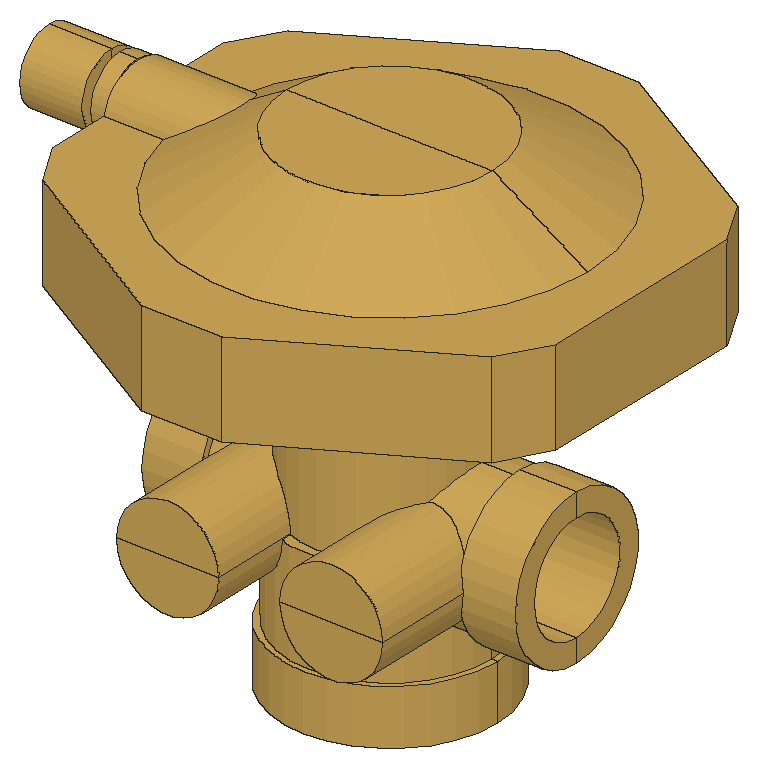
Revit family "Differenzdruckregler 4202 FIX TS 23kPa", category Rohrzubehör, Revit 2020
Family settings
  Bemaßung runder Anschluss = Durchmesser verwenden
  Teiletyp = Unterbricht
  OmniClass-Nummer = 23.65.55.14
  OmniClass-Titel = Valves for Liquid Services
  Arbeitsebenenbasiert = Nein
  Immer vertikal = Ja
  Beim Laden mit Abzugskörper schneiden = Nein
  Gemeinsam genutzt = Nein
Parameters (values of type "Ohne Dämmung")
  y2 [instance] = K14 + K9 + H01  # 49.149 mm
  y1 [instance] = (R03 * 2) + R05  # 66.000 mm
  Vorgabe-Ansicht = 0.000 mm
  Min. Betriebstemperatur (Frostschutz) = -20 °C  # constant formula
  Max. zulässige Betriebstemperatur bis DN32 = 130 °C  # constant formula
  Max. zulässige Betriebstemperatur DN40 - DN50 = 110 °C  # constant formula
  Max. Differenzdruck am Gehäuse = 400000.0 Pa  # constant formula
  Max. Betriebsdruck = 2500000.0 Pa  # constant formula
  Ventilschaft = "Edelstahl 14301"  # constant formula
  URL = "www.herz-armaturen.at"
  SCRNSEQ = "ARM;ARM_TYP=\"DIFR\";2"
  SCRNCODE = "05;03;4"  # constant formula
  S06 [instance] = 1.000 mm  # constant formula
  S05 [instance] = S01 - 1.000 mm  # 16.250 mm
  S04 [instance] = S02 - 1.000 mm  # 18.000 mm
  S03 [instance] = size_lookup("4202_FIX_TS_23", "S03", 26.500 mm, Nennweite)  # 25.600 mm
  S02 [instance] = size_lookup("4202_FIX_TS_23", "S02", 19.000 mm, Nennweite)  # 19.000 mm
  S01 [instance] = size_lookup("4202_FIX_TS_23", "S01", 17.250 mm, Nennweite)  # 17.250 mm
  Regleranschlussmutter = "Messing CW614N"  # constant formula
  Regelbereich = "FIX 23kPa"  # constant formula
  R06 [instance] = size_lookup("4202_FIX_TS_23", "R06", 14.500 mm, Nennweite)  # 14.500 mm
  R05 [instance] = size_lookup("4202_FIX_TS_23", "R05", 46.000 mm, Nennweite)  # 46.000 mm
  R04 [instance] = size_lookup("4202_FIX_TS_23", "R04", 12.500 mm, Nennweite)  # 12.500 mm
  R03 [instance] = size_lookup("4202_FIX_TS_23", "R03", 10.000 mm, Nennweite)  # 10.000 mm
  R02 = 14.500 mm  # constant formula
  R01 [instance] = size_lookup("4202_FIX_TS_23", "R01", 12.500 mm, Nennweite)  # 12.500 mm
  Min. Betriebstemperatur (reines Wasser) = 2 °C  # constant formula
  O-Ringe = "EPDM"  # constant formula
  Nennweite [instance] = 15.000 mm
  Membrangehäuse = "Messing CW602N"  # constant formula
  Membrane = "EPDM"  # constant formula
  Medium = "Wasserbeschaffenheit nach ÖNORM H 5195 und VDI 2035\r\nDie Verwendung von Ethylen- und Propylenglykol ist im\r\nMischungsverhältnis 25 - 50 Vol.-% zulässig."
  L2 [instance] = size_lookup("4202_FIX_TS_23", "L2", 161.000 mm, Nennweite)  # 161.000 mm
  L [instance] = size_lookup("4202_FIX_TS_23", "L", 66.000 mm, Nennweite)  # 66.000 mm
  K9 = 4.000 mm  # constant formula
  K8 = 55.000 mm  # constant formula
  K7 = 8.700 mm  # constant formula
  K6 = 11.700 mm  # constant formula
  K5 = 13.000 mm  # constant formula
  K4 = 12.000 mm  # constant formula
  K3 = 15.000 mm  # constant formula
  K2 = 2.350 mm  # constant formula
  K18 = 89.000 mm  # constant formula
  K17 = 66.700 mm  # constant formula
  K16 = 3.000 mm  # constant formula
  K15 = 26.649 mm  # constant formula
  K14 = 16.649 mm  # constant formula
  K13 = 16.649 mm  # constant formula
  K12 = 10.000 mm  # constant formula
  K11 = 35.000 mm  # constant formula
  K10 = 18.250 mm  # constant formula
  K1.1 = 2.350 mm  # constant formula
  K1 = 7.651 mm  # constant formula
  J9 = 15.700 mm  # constant formula
  J8 = 7.850 mm  # constant formula
  J7 = 15.897 mm  # constant formula
  J6 = 3.900 mm  # constant formula
  J5 = 6.500 mm  # constant formula
  J4 = 1.500 mm  # constant formula
  J3 = 3.200 mm  # constant formula
  J2 = 11.000 mm  # constant formula
  J11 = 3.500 mm  # constant formula
  J10 = 18.897 mm  # constant formula
  J1 = 6.500 mm  # constant formula
  Hersteller = "HERZ-Armaturen Ges.m.b.H"  # constant formula
  H2 [instance] = size_lookup("4202_FIX_TS_23", "H2", 28.000 mm, Nennweite)  # 28.000 mm
  H1 [instance] = K1 + K2 + K3 + K4 + K5 + K7 + K8 + K16 + 16.650 mm  # 133.351 mm
  H04 = 4.000 mm  # constant formula
  H03 = 9.800 mm  # constant formula
  H02 [instance] = size_lookup("4202_FIX_TS_23", "H02", 53.000 mm, Nennweite)  # 53.000 mm
  H01 [instance] = size_lookup("4202_FIX_TS_23", "H01", 25.000 mm, Nennweite)  # 28.500 mm
  Gehäuse = "DZR Messing CC770S"  # constant formula
  G03 [instance] = size_lookup("4202_FIX_TS_23", "G03", 13.200 mm, Nennweite)  # 13.200 mm
  G02 [instance] = size_lookup("4202_FIX_TS_23", "G02", 9.500 mm, Nennweite)  # 9.500 mm
  G01 [instance] = size_lookup("4202_FIX_TS_23", "G01", 13.500 mm, Nennweite)  # 13.500 mm
  Hinweise zum Material = "Gemäß Art 33 der REACH-Verordnung (EG Nr. 1907/2006) sind wir verpflichtet, darauf hinzuweisen,\r\ndass der Stoff Blei auf der SVHC-Liste geführt wird und dass alle aus Messing bestehenden Bauteile,\r\ndie in unseren Erzeugnissen verarbeitet sind, mehr als 0,1 % (w/w) Blei (CAS: 7439-92-1 / EINECS:\r\n231-100-4) enthalten. Da Blei als Legierungsbestandteil fest gebunden ist, sind keine Expositionen zu\r\nerwarten und daher sind keine zusätzlichen Angaben zur sicheren Verwendung notwendig.\r\n\r\nIm Hanf enthaltenes Ammoniak schädigt\r\nMessingventilgehäuse, EPDM Dichtungen werden durch\r\nMineralöle bzw. mineralölhaltige Schmierstoffe aufgequollen\r\nund führen somit zum Ausfall der EPDM-Dichtungen. Für\r\nFrost- und Korrosionsschutzmittel auf der Basis von Ethylen- und Propylenglykol sind die entsprechenden\r\nAngaben den Unterlagen des Herstellers zu entnehmen."
  Dämmung = no
  Dämmschale = "EPP (expandiertes Polypropylen)"  # constant formula
  Druckfeder = "Federstahl, rost-und säurebeständig"  # constant formula
  DN50 [instance] = Nennweite = 50.000 mm  # no
  DN40 [instance] = Nennweite = 40.000 mm  # no
  DN32-40 [instance] = or(Nennweite = 32.000 mm, Nennweite = 40.000 mm)  # no
  DN32 [instance] = Nennweite = 32.000 mm  # no
  DN25,32,40 [instance] = or(Nennweite = 25.000 mm, Nennweite = 32.000 mm, Nennweite = 40.000 mm)  # no
  DN25 [instance] = Nennweite = 25.000 mm  # no
  DN20 [instance] = Nennweite = 20.000 mm  # no
  DN15-25 [instance] = or(Nennweite = 15.000 mm, Nennweite = 20.000 mm, Nennweite = 25.000 mm)  # yes
  DN15,20,50 [instance] = or(Nennweite = 15.000 mm, Nennweite = 20.000 mm, Nennweite = 50.000 mm)  # yes
  DN15 [instance] = Nennweite = 15.000 mm  # yes
  D07 [instance] = if(Nennweite = 15.000 mm, 32.500 mm, if(Nennweite = 20.000 mm, 33.500 mm, if(Nennweite = 25.000 mm, 33.500 mm, if(Nennweite = 32.000 mm, 49.500 mm, if(Nennweite = 40.000 mm, 59.500 mm, if(Nennweite = 50.000 mm, 59.500 mm, 0.000 mm))))))  # 32.500 mm
  D06 [instance] = if(Nennweite = 15.000 mm, 32.500 mm, if(Nennweite = 20.000 mm, 33.500 mm, if(Nennweite = 25.000 mm, 33.500 mm, if(Nennweite = 32.000 mm, 49.500 mm, if(Nennweite = 40.000 mm, 59.500 mm, if(Nennweite = 50.000 mm, 59.500 mm, 0.000 mm))))))  # 32.500 mm
  D05 [instance] = if(Nennweite = 15.000 mm, 36.750 mm, if(Nennweite = 20.000 mm, 40.700 mm, if(Nennweite = 25.000 mm, 49.200 mm, if(Nennweite = 32.000 mm, 54.150 mm, if(Nennweite = 40.000 mm, 60.750 mm, if(Nennweite = 50.000 mm, 72.700 mm, 0.000 mm))))))  # 36.750 mm
  D04 [instance] = if(Nennweite = 15.000 mm, 78.500 mm, if(Nennweite = 20.000 mm, 82.000 mm, if(Nennweite = 25.000 mm, 84.000 mm, if(Nennweite = 32.000 mm, 120.000 mm, if(Nennweite = 40.000 mm, 130.000 mm, if(Nennweite = 50.000 mm, 130.500 mm, 0.000 mm))))))  # 78.500 mm
  D03 [instance] = if(Nennweite = 15.000 mm, 96.000 mm, if(Nennweite = 20.000 mm, 110.000 mm, if(Nennweite = 25.000 mm, 112.000 mm, if(Nennweite = 32.000 mm, 152.000 mm, if(Nennweite = 40.000 mm, 170.000 mm, if(Nennweite = 50.000 mm, 179.000 mm, 0.000 mm))))))  # 96.000 mm
  D02 [instance] = size_lookup("4202_FIX_TS_23", "R05", 41.000 mm, Nennweite)  # 46.000 mm
  D01 [instance] = size_lookup("4202_FIX_TS_23", "G01", 13.220 mm, Nennweite)  # 13.500 mm
  Bestellnummer Dämmung [instance] = if(and(Dämmung, Nennweite = 15.000 mm), 1409611, if(and(Dämmung, Nennweite = 20.000 mm), 1409612, if(and(Dämmung, Nennweite = 25.000 mm), 1409613, if(and(Dämmung, Nennweite = 32.000 mm), 1409614, if(and(Dämmung, Nennweite = 40.000 mm), 1409615, if(and(Dämmung, Nennweite = 50.000 mm), 1409616, 0))))))  # 0
  Bestellnummer [instance] = if(Nennweite = 15.000 mm, 1420281, if(Nennweite = 20.000 mm, 1420282, if(Nennweite = 25.000 mm, 1420283, if(Nennweite = 32.000 mm, 1420284, if(Nennweite = 40.000 mm, 1420285, if(Nennweite = 50.000 mm, 1420286, 0))))))  # 1420281
  B2 [instance] = size_lookup("4202_FIX_TS_23", "B2", 31.000 mm, Nennweite)  # 31.000 mm
  B1 [instance] = size_lookup("4202_FIX_TS_23", "B1", 26.000 mm, Nennweite)  # 26.000 mm
  B04 = 100.649 mm  # constant formula
  B03 = 44.500 mm  # constant formula
  B02 = 104.688 mm  # constant formula
  B01 = 10.000 mm  # constant formula
  Anwendungsgebiet = "Der Differenzdruckregler ist ein Regler mit linearer Kennlinie in Geradsitzausführung und arbeitet ohne Hilfsenergie. Der Differenzdruck-Sollwert beträgt 23 kPa, 50 kPa bzw 13 kPa. Im Lieferumfang enthalten ist die Impulsleitung (1000 mm), diese ist mit einem Strangregulierventil im Vorlauf zu verbinden."
  Anschlussnippel = "Messing CW602N"  # constant formula
  Anschlussgewinde für Antrieb = "Messing CW602N"  # constant formula
Types (2, lengths in mm): name | Dämmung | Bestellnummer Dämmung
  Ohne Dämmung | no | 0
  Mit Dämmung | yes | 1409611
Reference planes
  plane 1 "Mitte (Vorne/hinten)": y = 0
  plane 2: z = 0
  plane 3 "Mitte (Links/rechts)": x = 0
Forms (mm)
  Revolve 1, solid, material "Messing, weicher Gelbton, geschweißt", detail levels fine
    sketch origin (0, 0, 0) x (1, 0, 0) y (0, 0, 1)
      loop
        line (-19.8, 0) -> (19.8, 0) -> (19.8, 9.5) -> (33, 9.5) -> (33, 13.5) -> (23, 13.5) -> (23, 12.5) -> (-23, 12.5) -> (-23, 13.5) -> (-33, 13.5) -> (-33, 9.5) -> (-19.8, 9.5) -> (-19.8, 0)
      axis (-33, 0) -> (33, 0)
    angle from 0 to 360
  Revolve 2, solid, material "Messing, weicher Gelbton, geschweißt", detail levels fine
    sketch origin (0, 0, 0) x (1, 0, 0) y (0, 0, 1)
      loop
        line (0, -28) -> (0, 0) -> (-18, 0) -> (-18, -18.2) -> (-19, -18.2) -> (-19, -28) -> (0, -28)
      axis (0, 0) -> (0, -28)
    angle from 0 to 360
  Extrusion 3, solid, material "Messing, weicher Gelbton, geschweißt", detail levels fine
    sketch origin (0, 0, 0) x (0, -1, 0) y (1, 0, 0)
      loop
        line (-46, -7.038) -> (-27.114, -39.75) -> (-18.886, -44.5) -> (18.886, -44.5) -> (27.114, -39.75) -> (46, -7.038) -> (46, 7.038) -> (27.114, 39.75) -> (18.886, 44.5) -> (-18.886, 44.5) -> (-27.114, 39.75) -> (-46, 7.038) -> (-46, -7.038)
    from 32.5 to 49.149
  Revolve 4, solid, material "Messing, weicher Gelbton, geschweißt", detail levels fine
    sketch origin (0, 0, -7.051) x (1, 0, 0) y (0, 0, 1)
      loop
        line (0, 56.2) -> (0, 66.2) -> (-18.25, 66.2) -> (-35, 56.2) -> (0, 56.2)
      axis (0, 66.2) -> (0, 56.2)
    angle from 0 to 360
  Revolve 5, solid, material "Messing, weicher Gelbton, geschweißt", visible <- "DN15-25", detail levels fine
    sketch origin (-11, 0, 0) x (1, 0, 0) y (0, 1, 0)
      loop
        line (-1.5, 26) -> (-9.2, 26) -> (-9.2, 0) -> (-1.5, 0) -> (-1.5, 26)
      axis (-1.5, 0) -> (-1.5, 26)
    angle from 0 to 360
  Revolve 6, solid, material "Messing, weicher Gelbton, geschweißt", detail levels fine
    sketch origin (-0.988, 0, -6.853) x (-1, 0, 0) y (0, 0, 1)
      loop
        line (43.5, 55.25) -> (59.2, 55.25) -> (59.2, 61.75) -> (48.2, 61.75) -> (48.2, 59.15) -> (46.7, 59.15) -> (46.7, 61.75) -> (43.5, 61.75) -> (43.5, 55.25)
      axis (43.5, 55.25) -> (59.2, 55.25)
    angle from 0 to 360
  Extrusion 7, solid, material "Messing, weicher Gelbton, geschweißt", detail levels fine
    sketch origin (0, 0, 0) x (0, 1, 0) y (0, 0, -1)
      loop
        line (7.85, -47.047) -> (7.85, -36) -> (-7.85, -36) -> (-7.85, -47.047)
        arc (-7.85, -47.047) -> (0, -54.897) -> (7.85, -47.047) r 7.85
    from 0 to 44.5
  Revolve 8, solid, material "Messing, weicher Gelbton, geschweißt", visible <- "DN15-25", detail levels fine
    sketch origin (-2, 0, 0) x (1, 0, 0) y (0, 1, 0)
      loop
        line (-12.5, 0) -> (-21.5, 0) -> (-21.5, -31) -> (-12.5, -31) -> (-12.5, 0)
      axis (-12.5, 0) -> (-12.5, -31)
    angle from 0 to 360
  Revolve 9, solid, material "Messing, weicher Gelbton, geschweißt", visible <- "DN15-25", detail levels fine
    sketch origin (2, 0, 0) x (1, 0, 0) y (0, 1, 0)
      loop
        line (12.5, 0) -> (12.5, -31) -> (21.6, -31) -> (21.6, 0) -> (12.5, 0)
      axis (12.5, 0) -> (12.5, -31)
    angle from 0 to 360
  Extrusion 10, solid, material "Messing, weicher Gelbton, geschweißt", visible <- "DN32", detail levels fine
    sketch origin (-31.5, 0, 0) x (1, 0, 0) y (0, 1, 0)
      loop
        circle (63, 0) r 6.578
      loop
        circle (63, 0) r 3.28
    from -47 to 0
  Extrusion 11, solid, material "Messing, weicher Gelbton, geschweißt", visible <- "DN32", detail levels fine
    sketch origin (31.5, 0, 0) x (-1, 0, 0) y (0, -1, 0)
      loop
        circle (63, 0) r 6.578
      loop
        circle (63, 0) r 3.28
    from -47 to 0
  Revolve 12, solid, material "Messing, weicher Gelbton, geschweißt", detail levels fine
    sketch origin (0, 0, 0) x (1, 0, 0) y (0, 0, 1)
      loop
        line (-16.25, 0) -> (0, 0) -> (0, 32.5) -> (-12.25, 32.5) -> (-12.25, 28.5) -> (-17.25, 28.5) -> (-17.25, 18.7) -> (-16.25, 18.7) -> (-16.25, 0)
      axis (0, 32.5) -> (0, 0)
    angle from 0 to 360
  Extrusion 13, solid, material "Messing, weicher Gelbton, geschweißt", visible <- "DN40", detail levels fine
    sketch origin (29.382, 0, 0) x (-1, 0, 0) y (0, -1, 0)
      loop
        circle (63, 0) r 6.578
      loop
        circle (63, 0) r 3.28
    from -58 to 0
  Extrusion 14, solid, material "Messing, weicher Gelbton, geschweißt", visible <- "DN40", detail levels fine
    sketch origin (-29.455, 0, 0) x (1, 0, 0) y (0, 1, 0)
      loop
        circle (63, 0) r 6.578
      loop
        circle (63, 0) r 3.28
    from -58 to 0
  Extrusion 15, solid, material "Messing, weicher Gelbton, geschweißt", visible <- "DN50", detail levels fine
    sketch origin (28.422, 0, 0) x (-1, 0, 0) y (0, -1, 0)
      loop
        circle (63, 0) r 6.578
      loop
        circle (63, 0) r 3.28
    from -58 to 0
  Extrusion 16, solid, material "Messing, weicher Gelbton, geschweißt", visible <- "DN50", detail levels fine
    sketch origin (-28.422, 0, 0) x (1, 0, 0) y (0, 1, 0)
      loop
        circle (63, 0) r 6.578
      loop
        circle (63, 0) r 3.28
    from -58 to 0
  Revolve 17, solid, material "Messing, weicher Gelbton, geschweißt", visible <- "DN32-40", detail levels fine
    sketch origin (-11, 0, 0) x (1, 0, 0) y (0, 1, 0)
      loop
        line (-1.5, -26) -> (-1.5, 0) -> (-9.2, 0) -> (-9.2, -26) -> (-1.5, -26)
      axis (-1.5, 0) -> (-1.5, -26)
    angle from 0 to 360
  Revolve 18, solid, material "Kunststoff-Anthrazit/Schwarz", visible <- "Dämmung"
    sketch origin (0, 0, 0) x (1, 0, 0) y (0, 0, 1)
      loop
        line (48, 32.5) -> (-48, 32.5) -> (-48, 13.5) -> (-23, 13.5) -> (-23, 0) -> (0, 0) -> (23, 0) -> (23, 13.5) -> (48, 13.5) -> (48, 32.5)
      axis (-48, 0) -> (48, 0)
    angle from 0 to 360
  Revolve 19, solid, material "Kunststoff-Anthrazit/Schwarz", visible <- "Dämmung"
    sketch origin (0, 0, 0) x (1, 0, 0) y (0, 0, 1)
      loop
        line (0, -46) -> (36.75, -46) -> (36.75, 32.5) -> (0, 32.5) -> (0, -46)
      axis (0, 32.5) -> (0, -46)
    angle from 0 to 360
Lines and regions (mm)
  model lines, detail levels coarse+medium
    curve 1: line (33, -13.5, 0) -> (33, 13.5, 0)
    curve 2: line (33, 13.5, 0) -> (-33, -13.5, 0)
    curve 3: line (-33, -13.5, 0) -> (-33, 13.5, 0)
    curve 4: line (-33, 13.5, 0) -> (33, -13.5, 0)
    curve 5: line (0, -18.5, 0) -> (0, -32.5, 0)
    curve 6: spline (-44.5, -40.824, 0) -> (-42.984, -38.67, 0) -> (-38.538, -36.662, 0) -> (-31.466, -34.938, 0) -> (-22.25, -33.615, 0) -> (-11.517, -32.784, 0) -> (0, -32.5, 0) -> (11.517, -32.784, 0) -> (22.25, -33.615, 0) -> (31.466, -34.938, 0) -> (38.538, -36.662, 0) -> (42.984, -38.67, 0) -> (44.5, -40.825, 0) -> (42.984, -42.979, 0) -> (38.538, -44.987, 0) -> (31.466, -46.711, 0) -> (22.25, -48.034, 0) -> (11.517, -48.865, 0) -> (0, -49.149, 0) -> (-11.517, -48.865, 0) -> (-22.25, -48.034, 0) -> (-31.466, -46.711, 0) -> (-38.538, -44.987, 0) -> (-42.984, -42.979, 0) -> (-44.5, -40.824, 0)
    curve 7: line (0, 0, 13.5) -> (0, 0, 32.5)
    curve 8: spline (-44.5, 0, 40.825) -> (-42.984, 0, 42.979) -> (-38.538, 0, 44.987) -> (-31.466, 0, 46.711) -> (-22.25, 0, 48.034) -> (-11.517, 0, 48.865) -> (0, 0, 49.149) -> (11.517, 0, 48.865) -> (22.25, 0, 48.034) -> (31.466, 0, 46.711) -> (38.538, 0, 44.987) -> (42.984, 0, 42.979) -> (44.5, 0, 40.824) -> (42.984, 0, 38.67) -> (38.538, 0, 36.662) -> (31.466, 0, 34.938) -> (22.25, 0, 33.615) -> (11.517, 0, 32.784) -> (0, 0, 32.5) -> (-11.517, 0, 32.784) -> (-22.25, 0, 33.615) -> (-31.466, 0, 34.938) -> (-38.538, 0, 36.662) -> (-42.984, 0, 38.67) -> (-44.5, 0, 40.825)
    curve 9: line (0, 0, 13.5) -> (16.5, 0, 6.75)
    curve 10: line (0, 0, 13.5) -> (-16.5, 0, 6.75)
    curve 11: line (0, -18.5, 0) -> (-6.483, -2.652, 0)
    curve 12: line (0, -18.5, 0) -> (6.483, -2.652, 0)
    curve 13: line (-33, 0, 13.5) -> (33, 0, -13.5)
    curve 14: line (33, 0, -13.5) -> (33, 0, 13.5)
    curve 15: line (33, 0, 13.5) -> (-33, 0, -13.5)
    curve 16: line (-33, 0, -13.5) -> (-33, 0, 13.5)
Dimensions and locks
  "G01": Revolve 1 sketch curve to Revolve 1 sketch curve  (x2)
  "R01": Revolve 1 sketch curve to Revolve 1 sketch curve
  "R03": Revolve 1 sketch curve to Revolve 1 sketch curve  (x2)
  "K10": Revolve 4 sketch curve to Revolve 4 sketch curve
  "K11": Revolve 4 sketch curve to Revolve 4 sketch curve
  "B1": Revolve 5 sketch curve to Revolve 5 sketch curve
  "J1": Revolve 6 sketch curve to Revolve 6 sketch curve
  "J3": Revolve 6 sketch curve to Revolve 6 sketch curve
  "J4": Revolve 6 sketch curve to Revolve 6 sketch curve
  "J2": Revolve 6 sketch curve to Revolve 6 sketch curve
  "J5": Revolve 6 sketch curve to Revolve 6 sketch curve
  "J6": Revolve 6 sketch curve to Revolve 6 sketch curve
  "H2": plane 2 to Revolve 2 sketch curve
  "H03": Revolve 2 sketch curve to Revolve 2 sketch curve
  "S02": plane 3 "Mitte (Links/rechts)" to Revolve 2 sketch curve
  "B02": Revolve 6 to Extrusion 3
  "B03": Extrusion 3 to plane 3 "Mitte (Links/rechts)"
  "R04": Revolve 5 sketch curve to plane 3 "Mitte (Links/rechts)"
  "K12": Revolve 4 sketch curve to Revolve 4 sketch curve
  "K13": Revolve 4 sketch curve to Extrusion 3
  "K14": Extrusion 3 to Extrusion 3
  "R05": Revolve 1 sketch curve to Revolve 1 sketch curve
  equal spacing: Revolve 1 sketch curve, plane 3 "Mitte (Links/rechts)", Revolve 1 sketch curve
  "B2": plane 1 "Mitte (Vorne/hinten)" to Revolve 8 sketch curve
  "B2": Revolve 9 sketch curve to plane 1 "Mitte (Vorne/hinten)"
  "R06": Revolve 8 sketch curve to plane 3 "Mitte (Links/rechts)"
  "R06": plane 3 "Mitte (Links/rechts)" to Revolve 9 sketch curve
  "S01": Revolve 12 sketch curve to plane 3 "Mitte (Links/rechts)"
  "S05": plane 3 "Mitte (Links/rechts)" to Revolve 12 sketch curve
  "H04": Revolve 12 sketch curve to Revolve 12 sketch curve
  "H03": Revolve 12 sketch curve to Revolve 12 sketch curve
  "H01": Revolve 12 sketch curve to plane 2
  "K9": Extrusion 3 to Revolve 12
  "S06": Revolve 2 sketch curve to Revolve 2 sketch curve
  "J7": Revolve 6 sketch curve to Extrusion 3
  "J9": Extrusion 7 sketch curve to Extrusion 7 sketch curve
  "J10": Revolve 6 to Extrusion 7 sketch curve
  "J11": Extrusion 7 sketch curve to Extrusion 3
  "K18": Extrusion 3 to Extrusion 3
  "K18": curve 8 to curve 8
  "G01": curve 10 to plane 2
  "K14": curve 8 to curve 8
  "y2": curve 8 to plane 2
  "G01": plane 1 "Mitte (Vorne/hinten)" to curve 4
  "G01": curve 3 to plane 1 "Mitte (Vorne/hinten)"
  equal spacing: curve 3, curve 8, curve 1
  equal spacing: curve 3, curve 12, curve 1
  "y1": curve 3 to curve 1
  "G01": plane 1 "Mitte (Vorne/hinten)" to curve 2
  "G01": curve 4 to plane 1 "Mitte (Vorne/hinten)"
  "K18": curve 6 to curve 6
  "K14": curve 6 to curve 6
  "y2": curve 6 to plane 1 "Mitte (Vorne/hinten)"
  "B1": Revolve 17 sketch curve to Revolve 17 sketch curve
  "R04": Revolve 17 sketch curve to plane 3 "Mitte (Links/rechts)"
  "G02": Revolve 1 sketch curve to plane 2  (x2)
  "G03": Revolve 1 sketch curve to Revolve 1 sketch curve  (x2)
  Revolve 1 sketch curve to Revolve 1 sketch curve = 66.000 mm
  equal spacing: curve 10, plane 3 "Mitte (Links/rechts)", curve 9
  "L": curve 14 to curve 16
  equal spacing: curve 14, curve 6, curve 16
  equal spacing: curve 14, curve 9, curve 10, curve 10, curve 16
  "G01": curve 16 to plane 2
  "G01": plane 2 to curve 16
  "G01": curve 15 to plane 2
  "G01": plane 2 to curve 14
  "D07": Revolve 18 sketch curve to plane 2
  "D01": Revolve 18 sketch curve to plane 2  (x2)
  "D03": Revolve 18 sketch curve to Revolve 18 sketch curve
  "D02": Revolve 18 sketch curve to Revolve 18 sketch curve
  equal spacing: Revolve 18 sketch curve, plane 3 "Mitte (Links/rechts)", Revolve 18 sketch curve  (x2)
  "D06": Revolve 19 sketch curve to plane 2
  "D05": Revolve 19 sketch curve to Revolve 19 sketch curve
  "D04": Revolve 19 sketch curve to Revolve 19 sketch curve
  "J8": radius of Extrusion 7 sketch curve
  aligned and locked: level to plane 2
Automatic sketch dimensions
  plane 3 "Mitte (Links/rechts)" to Extrusion 3 sketch curve = 7.038 mm  (x2)
  Extrusion 3 sketch curve to plane 1 "Mitte (Vorne/hinten)" = 46.000 mm
  Extrusion 3 sketch curve to plane 1 "Mitte (Vorne/hinten)" = 27.114 mm  (x2)
  Extrusion 3 sketch curve to Extrusion 3 sketch curve = 8.227 mm  (x4)
  plane 1 "Mitte (Vorne/hinten)" to Extrusion 3 sketch curve = 18.886 mm  (x2)
  Extrusion 3 sketch curve to Extrusion 3 sketch curve = 18.886 mm
  Extrusion 3 sketch curve to plane 3 "Mitte (Links/rechts)" = 7.038 mm  (x2)
  Extrusion 3 sketch curve to Extrusion 3 sketch curve = 32.712 mm  (x4)
  Extrusion 3 sketch curve to Extrusion 3 sketch curve = 4.750 mm  (x2)
  Extrusion 10 sketch curve to Extrusion 10 sketch curve = 0.000 mm  (x2)
  plane 1 "Mitte (Vorne/hinten)" to Extrusion 10 sketch curve = 0.000 mm
  plane 3 "Mitte (Links/rechts)" to Extrusion 10 sketch curve = 31.500 mm
  Extrusion 11 sketch curve to Extrusion 11 sketch curve = 0.000 mm  (x2)
  plane 1 "Mitte (Vorne/hinten)" to Extrusion 11 sketch curve = 0.000 mm
  plane 3 "Mitte (Links/rechts)" to Extrusion 11 sketch curve = 31.500 mm
  Extrusion 13 sketch curve to Extrusion 13 sketch curve = 0.000 mm  (x2)
  plane 1 "Mitte (Vorne/hinten)" to Extrusion 13 sketch curve = 0.000 mm
  plane 3 "Mitte (Links/rechts)" to Extrusion 13 sketch curve = 33.618 mm
  Extrusion 14 sketch curve to Extrusion 14 sketch curve = 0.000 mm  (x2)
  plane 1 "Mitte (Vorne/hinten)" to Extrusion 14 sketch curve = 0.000 mm
  plane 3 "Mitte (Links/rechts)" to Extrusion 14 sketch curve = 33.545 mm
  Extrusion 15 sketch curve to Extrusion 15 sketch curve = 0.000 mm  (x2)
  plane 1 "Mitte (Vorne/hinten)" to Extrusion 15 sketch curve = 0.000 mm
  plane 3 "Mitte (Links/rechts)" to Extrusion 15 sketch curve = 34.578 mm
  Extrusion 16 sketch curve to Extrusion 16 sketch curve = 0.000 mm  (x2)
  plane 1 "Mitte (Vorne/hinten)" to Extrusion 16 sketch curve = 0.000 mm
  plane 3 "Mitte (Links/rechts)" to Extrusion 16 sketch curve = 34.578 mm
  curve 8 to plane 3 "Mitte (Links/rechts)" = 0.000 mm
  curve 11 to plane 3 "Mitte (Links/rechts)" = 0.000 mm
  curve 6 to plane 3 "Mitte (Links/rechts)" = 0.000 mm
  curve 5 to curve 12 = 14.000 mm
  Revolve 1 sketch curve to level = 0.000 mm  (x2)
  Revolve 1 sketch curve to Revolve 1 sketch curve = 1473.530 mm
  Revolve 1 sketch curve to Revolve 1 sketch curve = 1806.148 mm
  Revolve 2 sketch curve to level = 0.000 mm
  Revolve 2 sketch curve to plane 3 "Mitte (Links/rechts)" = 0.000 mm  (x2)
  Revolve 2 sketch curve to Revolve 2 sketch curve = 1.000 mm
  Revolve 2 sketch curve to Revolve 2 sketch curve = 334.045 mm
  level to Revolve 2 sketch curve = 2218.015 mm
  Revolve 4 sketch curve to plane 3 "Mitte (Links/rechts)" = 0.000 mm  (x2)
  Revolve 4 sketch curve to level = 373.096 mm
  Revolve 4 sketch curve to Revolve 4 sketch curve = 2155.315 mm
  plane 1 "Mitte (Vorne/hinten)" to Revolve 5 sketch curve = 0.000 mm  (x2)
  Revolve 5 sketch curve to Revolve 5 sketch curve = 0.000 mm  (x2)
  Revolve 5 sketch curve to Revolve 5 sketch curve = 7.700 mm
  plane 3 "Mitte (Links/rechts)" to Revolve 6 sketch curve = 44.488 mm
  Revolve 6 sketch curve to Revolve 6 sketch curve = 0.000 mm  (x3)
  Extrusion 7 sketch curve to plane 1 "Mitte (Vorne/hinten)" = 0.000 mm
  Extrusion 7 sketch curve to Extrusion 7 sketch curve = 11.047 mm
  Extrusion 7 sketch curve to Extrusion 7 sketch curve = 0.000 mm
  plane 1 "Mitte (Vorne/hinten)" to Revolve 8 sketch curve = 0.000 mm  (x2)
  Revolve 8 sketch curve to Revolve 8 sketch curve = 9.000 mm
  Revolve 8 sketch curve to Revolve 8 sketch curve = 0.000 mm  (x2)
  plane 1 "Mitte (Vorne/hinten)" to Revolve 9 sketch curve = 0.000 mm  (x2)
  Revolve 9 sketch curve to Revolve 9 sketch curve = 9.100 mm
  Revolve 9 sketch curve to Revolve 9 sketch curve = 0.000 mm  (x2)
  Revolve 12 sketch curve to level = 0.000 mm  (x2)
  Revolve 12 sketch curve to plane 3 "Mitte (Links/rechts)" = 0.000 mm  (x2)
  Revolve 12 sketch curve to Revolve 12 sketch curve = 5.000 mm
  Revolve 12 sketch curve to Revolve 12 sketch curve = 0.000 mm
  plane 1 "Mitte (Vorne/hinten)" to Revolve 17 sketch curve = 0.000 mm  (x2)
  Revolve 17 sketch curve to Revolve 17 sketch curve = 7.700 mm
  Revolve 17 sketch curve to Revolve 17 sketch curve = 0.000 mm  (x2)
  Revolve 18 sketch curve to level = 0.000 mm  (x2)
  Revolve 18 sketch curve to plane 3 "Mitte (Links/rechts)" = 0.000 mm
  Revolve 18 sketch curve to Revolve 18 sketch curve = 0.000 mm  (x2)
  Revolve 19 sketch curve to plane 3 "Mitte (Links/rechts)" = 0.000 mm  (x2)
  Revolve 19 sketch curve to Revolve 19 sketch curve = 0.000 mm  (x2)
  radius of Extrusion 10 sketch curve = 6.578 mm
  radius of Extrusion 10 sketch curve = 3.280 mm
  radius of Extrusion 11 sketch curve = 6.578 mm
  radius of Extrusion 11 sketch curve = 3.280 mm
  radius of Extrusion 13 sketch curve = 6.578 mm
  radius of Extrusion 13 sketch curve = 3.280 mm
  radius of Extrusion 14 sketch curve = 6.578 mm
  radius of Extrusion 14 sketch curve = 3.280 mm
  radius of Extrusion 15 sketch curve = 6.578 mm
  radius of Extrusion 15 sketch curve = 3.280 mm
  radius of Extrusion 16 sketch curve = 6.578 mm
  radius of Extrusion 16 sketch curve = 3.280 mm
Nested families
  nested 1: "Herz-Logo-vorne" at (-0.018, 17.815, -12.904) x (0, -1, 0) z (0, 0, 1), type "Herz-Logo-vorne", detail levels fine
  nested 2: "Herz-Logo-vorne" at (-0.018, 24.058, 0) x (0, -1, 0) z (0, 0, 1), visible <- "DN32", type "Herz-Logo-vorne", detail levels fine
  nested 3: "Herz-Logo-vorne" at (-0.018, 33.471, 0) x (0, -1, 0) z (0, 0, 1), visible <- "DN50", type "Herz-Logo-vorne", detail levels fine
  nested 4: "Herz-Logo-vorne" at (-0.018, 26.482, 0) x (0, -1, 0) z (0, 0, 1), visible <- "DN40", type "Herz-Logo-vorne", detail levels fine
Connectors
  piping at (33, 0, 0), diameter 15, driven by "Nennweite"
    settings: on Revolve 1, index 1, connector inside diameter 609.6 mm, connector length 0.000 mm, flow factor 0, pipe flow 0.0 L/s, pressure drop 0.0 Pa, fitting loss kfactor 0, connector angle 0.00°, fixture units 0, engagement length 0.000 mm, angle of deflection 0.00°, flow configuration 0, flow direction 2, fitting loss method 0, system type 29, joint type 0, gender type 0, connector reference index -1, connector utility 0, adjustable connector no, is connector primary yes, connector description ""
  piping at (-33, 0, 0), diameter 15, driven by "Nennweite"
    settings: on Revolve 1, index 2, connector inside diameter 609.6 mm, connector length 0.000 mm, flow factor 0, pipe flow 0.0 L/s, pressure drop 0.0 Pa, fitting loss kfactor 0, connector angle 0.00°, fixture units 0, engagement length 0.000 mm, angle of deflection 0.00°, flow configuration 0, flow direction 1, fitting loss method 0, system type 7, joint type 0, gender type 0, connector reference index -1, connector utility 0, adjustable connector no, is connector primary no, connector description ""
Definition of nested family "Herz-Logo-vorne"
  Parameters (values of type "Herz-Logo-vorne")
    Default Elevation = 0.000 mm
  Reference planes
    plane 1 "Mitte (Vorne/hinten)": y = 0
    plane 2: z = 0
    plane 3 "Mitte (Links/rechts)": x = 0
  Forms (mm)
    Extrusion 1, solid
      sketch origin (0.732, -0.018, 0.017) x (0, -1, 0) y (0, 0, 1)
        loop
          line (-0.018, -4.517) -> (4.482, -4.517) -> (4.482, 4.483) -> (-4.518, 4.483) -> (-4.518, -4.517) -> (-0.018, -4.517)
        loop
          line (-0.05, -3.48) -> (3.482, -3.48) -> (3.482, 3.483) -> (-3.518, 3.483) -> (-3.518, -3.48) -> (-0.05, -3.48)
        loop
          arc (-0.018, 2.383) -> (-1.543, 3.287) -> (-3.067, 2.383) r 1.738
          arc (-3.067, 2.383) -> (-3.191, 1.899) -> (-3.067, 1.415) r 1.009
          line (-3.067, 1.415) -> (-0.018, -3.281) -> (3.032, 1.415)
          arc (3.032, 1.415) -> (3.156, 1.899) -> (3.032, 2.383) r 1.009
          arc (3.032, 2.383) -> (1.507, 3.287) -> (-0.018, 2.383) r 1.738
        loop
          arc (1.885, 1.272) -> (2.005, 1.675) -> (1.885, 2.079) r 0.74
          arc (1.885, 2.079) -> (1.265, 2.416) -> (0.644, 2.079) r 0.74
          line (0.644, 2.079) -> (-0.018, 0.97) -> (-0.679, 2.079)
          arc (-0.679, 2.079) -> (-1.3, 2.416) -> (-1.921, 2.079) r 0.74
          arc (-1.921, 2.079) -> (-2.04, 1.675) -> (-1.921, 1.272) r 0.74
          line (-1.921, 1.272) -> (-0.018, -1.658) -> (1.885, 1.272)
      from 0 to 1.5
  Dimensions and locks
    aligned and locked: level to plane 2
